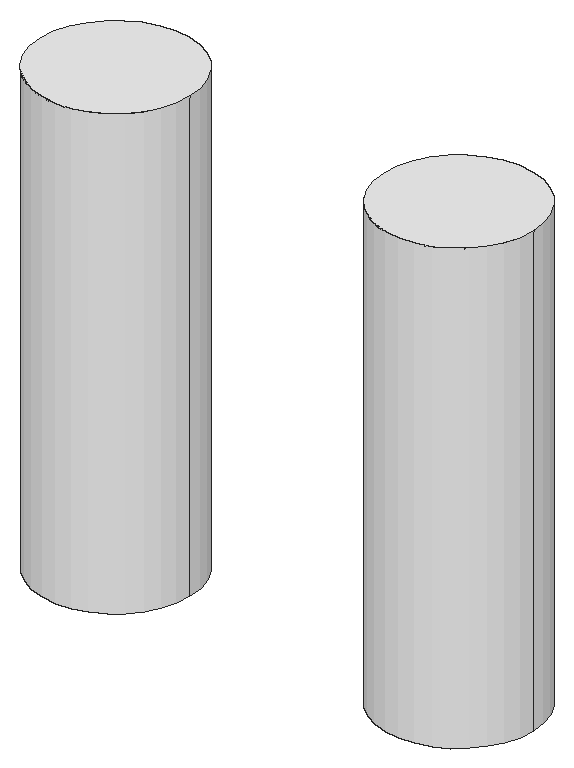
Revit family "55502203(2022)", category Plumbing Fixtures, Revit 2020
Family settings
  Round Connector Dimension = Use Diameter
  Part Type = Normal
  OmniClass Number = 23.45.55.00
  OmniClass Title = Sanitary Faucets, Wastes
  Work Plane-Based = No
  Always vertical = Yes
  Cut with Voids When Loaded = No
  Shared = No
  Room Calculation Point = No
Parameters (values of type "55502203 Washbasin faucet ")
  Working Pressure = "50 - 1000 kPa"
  WarrantyStartDate [instance] = "n/a"
  WarrantyGuarantorParts = "n/a"
  WarrantyGuarantorLabor = "n/a"
  WarrantyDurationUnit = "Year"
  WarrantyDurationParts = "n/a"
  WarrantyDurationLabor = "n/a"
  WarrantyDescription = "http://warranty.hansa.com"
  Warranty Information URL = "http://warranty.hansa.com"
  VersionDate = "01/06/2023"
  Version = "1"
  ValvePattern = "n/a"
  ValveOperation = "n/a"
  ValveMechanism = "n/a"
  Uniclass2015Reference = "Pr_40_20_87_96"
  Uniclass2015Description = "Washbasin manual water supply sets"
  Uniclass2 = "Pr_40_30_96_96"
  URL UWL = "http://static.hansa.com/UWL/55502203"
  URL REACH = "http://static.hansa.com/doc/reach"
  URL EcoLabel Declaration = "http://static.hansa.com/doc/EcoLabel"
  URL EU Packaging Declaration = "http://static.hansa.com/doc/packaging"
  URL Declaration of SCIP = "http://static.hansa.com/doc/SCIP"
  URL Declaration of Conformity = "http://static.hansa.com/DoC/55502203"
  URL Declaration of Asbestos = "http://static.hansa.com/doc/asbestos"
  URL Declaration Of Performance (DOP) = "http://static.hansa.com/doc/DoP"
  URL DVGW = "http://static.hansa.com/DVGW/55502203"
  URL ABP = "http://static.hansa.com/ABP/55502203"
  URL = ""
  UNSPSC Class Number = "30181700 Faucets or taps"
  Type Comments = ""
  TestPressure = "n/a"
  Technical DataSheet URL = "http://www.hansa.com/datasheet/55502203/en"
  TagNumber [instance] = "n/a"
  SustainabilityPerformance = "n/a"
  Surface treatment = "Chrome"
  Spout Type = "Fixed spout"
  Spout Projection = "112 mm"
  Spare-Part Information URL = "http://static.hansa.com/sp/55502203"
  Size = "50x150x145 mm"
  Shape = "Sculptured"
  SerialNumber [instance] = "n/a"
  Sales Package dimensions (LxWxH) = "395 x 195 x 70"
  Revision = "n/a"
  ReplacementCost = "n/a"
  ProductInformation = "n/a"
  Product URL = "http://static.hansa.com/55502203"
  Product Image URL = "http://static.hansa.com/image/55502203"
  Product Family = "5160 XL"
  Product Code = "55502203"
  OperatingMechanismMaterial = "n/a"
  NominalWidth = 47.158 mm
  NominalHeight = 145.504 mm
  NominalDepth = 149.489 mm
  Noise Class = "I (ISO 3822)"
  Name_en = "55502203 Washbasin faucet"
  Name = "55502203 Washbasin faucet"
  NBSReference = "45-35-70/371"
  NBSDescription = "Water supply fittings for wash basins and troughs"
  Mounting Holes = "1 hole"
  ModelReference = "55502203"
  ModelNumber = "n/a"
  Model = "55502203 Washbasin faucet"
  Mobile Product Information URL = "http://mpi.hansa.com/55502203"
  Mechanical Parts = "ø 35 mm ceramic cartridge for flow and temperature control"
  Max. Hot Water Supply = 70 °C
  Material = "Brass"
  Market = "Austria;Czech Republic;Germany;International;Italy;Slovakia"
  ManufacturerURL = "http://www.hansa.com"
  ManufacturerName = "HANSA"
  Manufacturer = "HANSA"
  Lever Handle = "Hot/Cold symbols;Single operating lever/handle"
  Keynote = ""
  Interactive AR View URL = "https://static.hansa.com/AR/55502203"
  InstallationDate [instance] = "n/a"
  Installation and Maintenance Guide URL = "http://static.hansa.com/manual/55502203"
  Installation Type = "Deck mounted"
  InletConnectionSize = 10 mm
  IfcExportType = "FAUCET"  # constant formula
  IfcExportAs = "IfcValveType"  # constant formula
  Group = "Washbasin faucet"
  Grade = "n/a"
  FlowCoefficient = 0
  Flow Rate At 300kPa With Flow Controller = 0.08 L/s
  Flow Drawing URL = "http://static.hansa.com/flowchart/55502203"
  Finish = "Polished"
  Features = "Single-lever"
  FaucetMainMaterial = Brass
  FDV Document URL = "http://www.hansa.com/datasheet/55502203/en/fdv"
  Extensions = "Pop-up waste with draw-rod"
  ExpectedLife = "n/a"
  ETIM Class Number = "EC011328 Washbasin mixing tap"
  EN Standard = "EN 817"
  EAN Number = "4057304019005"
  DurationUnit = "Year"
  Dimension Drawing URL = "http://static.hansa.com/dimdrw/55502203"
  Description = ""
  DefaultElevation [instance] = 900 mm
  Default Elevation = 0 mm
  Constituents = "n/a"
  Connection Size = "G3/8"
  Connection = "Flexible inlet pipes"
  Color = "Chrome"
  CodePerformance = "n/a"
  CloseOffRating = 0
  Category = "Washbasin"
  Catalog Drawing URL = "http://static.hansa.com/catdrw/55502203"
  Brand = "HANSA"
  BodyMaterial = "Brass"
  Barcode [instance] = "n/a"
  Backflow Prevention EN1717 = "AA"
  BIMObjectName = "55502203(2022)"
  Author = "BIMStone"
  AssetType = "Fixed"
  AssetIdentifier [instance] = "n/a"
  Approval DVGW = "DW-6506DO0165"
  Approval ABP = "PA-IX 10072/IO"
  Aerator = "PCA® - constant flow rate regardless of pressure variations"
  Advanced Features = "Rapid installation system"
  AccessibilityPerformance = "n/a"
  3D View = "https://static.hansa.com/AR/55502203"
  2D/3D/BIM Files URL = "http://static.hansa.com/bim/55502203"
Reference planes
  plane 1 "Center (Front/Back)": y = 0
  plane 2: z = 0
  plane 3 "Center (Left/Right)": x = 0
  plane 4: x = -23.579
  plane 5: z = 900
  plane 6: z = 870
  plane 7: y = -149.489
  plane 8: x = 23.579
  plane 9: z = 1045.504
Forms (mm)
  Extrusion 1, solid, material "Brass" <- "FaucetMainMaterial"
    sketch origin (0, -2.393, 0) x (1, 0, 0) y (0, 1, 0)
      loop
        circle (-11.5, -22.5) r 5
      loop
        circle (11.5, -22.5) r 5
    from 870 to 900
Dimensions and locks
  "DefaultElevation": plane 5 to level
  locked: plane 5 to plane 6 at 30
  "NominalDepth": plane 7 to plane 1 "Center (Front/Back)"
  equal spacing: plane 4, plane 3 "Center (Left/Right)", plane 8
  "NominalHeight": plane 9 to plane 5
  "NominalWidth": plane 4 to plane 8
  "InletConnectionSize": diameter of Extrusion 1 sketch curve  (x2)
  aligned and locked: level to plane 2
  aligned and locked: plane 5 to Extrusion 1
  aligned and locked: Extrusion 1 to plane 6
  aligned and locked: plane 1 "Center (Front/Back)" to nested 2
  aligned and locked: plane 3 "Center (Left/Right)" to nested 2
  aligned and locked: plane 3 "Center (Left/Right)" to nested 1
  aligned and locked: plane 1 "Center (Front/Back)" to nested 1
  aligned and locked: plane 5 to nested 2
Automatic sketch dimensions
  Extrusion 1 sketch curve to plane 3 "Center (Left/Right)" = 11.5 mm
  plane 3 "Center (Left/Right)" to Extrusion 1 sketch curve = 11.5 mm
  plane 1 "Center (Front/Back)" to Extrusion 1 sketch curve = 24.893 mm  (x2)
Nested families
  nested 1: "Symbol" at (0, 0, 0), type "Symbol", detail levels coarse
  nested 2: "55502203_Body" at (0, 0, 900), Material <- "FaucetMainMaterial", type "55502203_Body"
    with Material Brass
Connectors
  piping at (-11.5, -24.893, 870), diameter 10, driven by "InletConnectionSize"
    settings: on Extrusion 1, index 1, connector inside diameter 609.6 mm, connector length 0 mm, flow factor 0, pipe flow 0.08 L/s, pressure drop 0.0 Pa, fitting loss kfactor 0, connector angle 0.00°, fixture units 0, engagement length 0 mm, angle of deflection 0.00°, flow configuration 1, flow direction 1, fitting loss method 0, system type 19, joint type 0, gender type 0, connector reference index -1, connector utility 0, adjustable connector no, is connector primary yes, connector description ""
  piping at (11.5, -24.893, 870), diameter 10, driven by "InletConnectionSize"
    settings: on Extrusion 1, index 2, connector inside diameter 609.6 mm, connector length 0 mm, flow factor 0, pipe flow 0.08 L/s, pressure drop 0.0 Pa, fitting loss kfactor 0, connector angle 0.00°, fixture units 0, engagement length 0 mm, angle of deflection 0.00°, flow configuration 1, flow direction 1, fitting loss method 0, system type 20, joint type 0, gender type 0, connector reference index -1, connector utility 0, adjustable connector no, is connector primary no, connector description ""
Definition of nested family "Symbol"
  Reference planes
    plane 1: y = 0
    plane 2: x = 0
  Lines and regions (mm)
    detail lines
      curve 1: line (0, 0, 0) -> (0, -1.8, 0)
      curve 2: line (-0.4, -1.1, 0) -> (0.4, -1.1, 0)
      curve 3: line (-0.4, -1.4, 0) -> (0.4, -1.4, 0)
      curve 4: line (0.863, 0, 0) -> (-0.863, 0, 0)
      curve 5: circle (-1.163, 0, 0) r 0.3 normal (0, 0, -1)
      curve 6: circle (1.163, 0, 0) r 0.3 normal (0, 0, 1)
